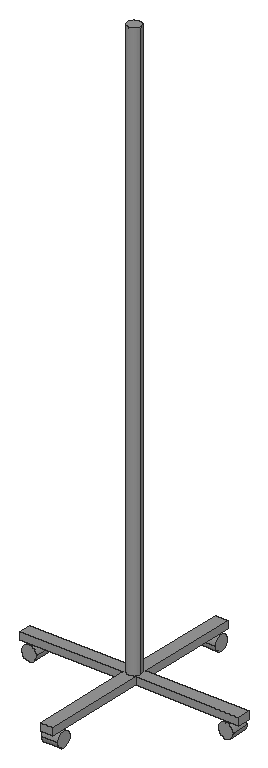
Revit family "AVLN_Штатив", category Мебель, Revit 2019
Family settings
  Номер OmniClass = 23.40.20.00
  Заголовок OmniClass = General Furniture and Specialties
  На основе рабочей плоскости = Нет
  Всегда вертикально = Да
  При загрузке вырезать с полостями = Нет
  Общий = Нет
  Точка расчета площади = Нет
Parameters (values of type "Штатиф для вливаний")
  Описание = "Штатиф для вливаний, на 2 сосуда в хроме гальваническом. H=1650мм. Стойка из стальной трубы, пластиковое основание, держатель для"
  О1 = 35 mm  # constant formula
  М.основы = Металл, окрашенный, белый, матовый
  Type Comments = ""
  Keynote = ""
  Manufacturer = ""
  Группа модели = "Оборудование поликлиники"
  ADSK_Размер_Ширина = 600 mm
  ADSK_Размер_Длина = ADSK_Размер_Ширина  # 600 mm
  ADSK_Размер_Высота = 1650 mm
  ADSK_Примечание [instance] = ""
  ADSK_Обозначение = ""
  ADSK_Наименование = "Штатиф для вливаний, на 2 сосуда в хроме гальваническом. H=1650мм. Стойка из стальной трубы, пластиковое основание, держатель для"
  ADSK_Масса = 0
  ADSK_Марка = ""
  ADSK_Код изделия = ""
  ADSK_Единица измерения = "шт"  # constant formula
Reference planes
  plane 1 "По центру (Вперед/Назад)": y = 0
  plane 2: z = 0
  plane 3 "По центру (Влево/Вправо)": x = 0
  plane 4: z = 1650
  plane 5: y = 300
  plane 6: x = 300
  plane 7: x = -300
  plane 8: y = -300
  plane 9: y = -270
  plane 10: z = 60
Forms (mm)
  Extrusion 1, solid, material "Металл, окрашенный, белый, матовый" <- "М.основы"
    sketch origin (0, -518.993, 611.226) x (-1, 0, 0) y (0, -1, 0)
      loop
        line (17.5, -818.993) -> (17.5, -536.493) -> (300, -536.493) -> (300, -501.493) -> (17.5, -501.493) -> (17.5, -218.993) -> (-17.5, -218.993) -> (-17.5, -501.493) -> (-300, -501.493) -> (-300, -536.493) -> (-17.5, -536.493) -> (-17.5, -818.993) -> (17.5, -818.993)
    from -571.226 to -551.226
  Extrusion 2, solid, material "Металл, окрашенный, белый, матовый" <- "М.основы"
    sketch origin (0, -518.993, 592.976) x (-1, 0, 0) y (0, -1, 0)
      loop
        circle (0, -518.993) r 17.5
    from -532.976 to 1057.024
  Extrusion 3, solid, material "Металл, окрашенный, белый, матовый" <- "М.основы"
    sketch origin (101.015, 0, 0) x (1, 0, 0) y (0, 0, 1)
      loop
        circle (168.985, 19.522) r 20
    from -22.984 to 22.984
  Extrusion 4, solid, material "Металл, окрашенный, белый, матовый" <- "М.основы"
    sketch origin (-438.985, 0, 0) x (1, 0, 0) y (0, 0, 1)
      loop
        circle (168.985, 19.522) r 20
    from -22.984 to 22.984
  Extrusion 5, solid, material "Металл, окрашенный, белый, матовый" <- "М.основы"
    sketch origin (0, -101.015, 0) x (0, -1, 0) y (0, 0, 1)
      loop
        circle (168.985, 19.522) r 20
    from -22.984 to 22.984
  Extrusion 6, solid, material "Металл, окрашенный, белый, матовый" <- "М.основы"
    sketch origin (0, 438.985, 0) x (0, -1, 0) y (0, 0, 1)
      loop
        circle (168.985, 19.522) r 20
    from -22.984 to 22.984
Dimensions and locks
  plane 2 to plane 4 = 1650 mm
  equal spacing: plane 8, plane 1 "По центру (Вперед/Назад)", plane 5
  equal spacing: plane 7, plane 3 "По центру (Влево/Вправо)", plane 6
  "ADSK_Размер_Длина": plane 7 to plane 6
  "ADSK_Размер_Ширина": plane 5 to plane 8
  "ADSK_Размер_Высота": plane 2 to plane 4
  locked: plane 9 to plane 8 at 30
  equal spacing: Extrusion 1 sketch curve, plane 1 "По центру (Вперед/Назад)", Extrusion 1 sketch curve  (x2)
  equal spacing: Extrusion 1 sketch curve, plane 3 "По центру (Влево/Вправо)", Extrusion 1 sketch curve  (x2)
  "О1": Extrusion 1 sketch curve to Extrusion 1 sketch curve  (x4)
  locked: plane 2 to plane 10 at 60
  locked: Extrusion 1 to plane 10 at 20
  equal spacing: Extrusion 3, plane 1 "По центру (Вперед/Назад)", Extrusion 3
  locked: Extrusion 3 to plane 6 at 10
  equal spacing: Extrusion 4, plane 1 "По центру (Вперед/Назад)", Extrusion 4
  locked: plane 7 to Extrusion 4 at 10
  equal spacing: Extrusion 5, plane 3 "По центру (Влево/Вправо)", Extrusion 5
  equal spacing: Extrusion 6, plane 3 "По центру (Влево/Вправо)", Extrusion 6
  locked: plane 5 to Extrusion 6 at 10
  locked: Extrusion 5 to plane 8 at 10
  "О1": diameter of Extrusion 2 sketch curve
  aligned and locked: level to plane 2
  aligned and locked: Extrusion 1 sketch curve to plane 5
  aligned and locked: plane 8 to Extrusion 1 sketch curve
  aligned and locked: plane 7 to Extrusion 1 sketch curve
  aligned and locked: Extrusion 1 sketch curve to plane 6
  aligned and locked: Extrusion 1 to plane 10
  aligned and locked: plane 3 "По центру (Влево/Вправо)" to Extrusion 2 sketch curve
  aligned and locked: plane 1 "По центру (Вперед/Назад)" to Extrusion 2 sketch curve
  aligned and locked: Extrusion 2 to plane 4
  aligned and locked: Extrusion 2 to plane 10
Automatic sketch dimensions
  Extrusion 3 sketch curve to plane 6 = 30 mm
  level to Extrusion 3 sketch curve = 19.522 mm
  plane 7 to Extrusion 4 sketch curve = 30 mm
  level to Extrusion 4 sketch curve = 19.522 mm
  plane 9 to Extrusion 5 sketch curve = 0 mm
  level to Extrusion 5 sketch curve = 19.522 mm
  level to Extrusion 6 sketch curve = 19.522 mm
  Extrusion 6 sketch curve to plane 5 = 30 mm
  radius of Extrusion 3 sketch curve = 20 mm
  radius of Extrusion 4 sketch curve = 20 mm
  radius of Extrusion 5 sketch curve = 20 mm
  radius of Extrusion 6 sketch curve = 20 mm
